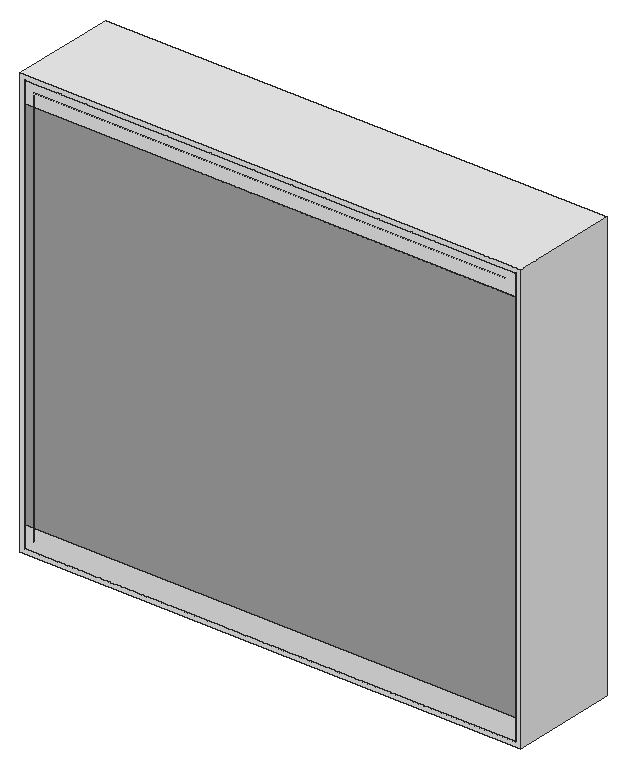
Revit family
Parameters (values of type "Louver_Acoustical_EAA-1245_All-Lite")
  URL = "http://www.alllite-louvers.com"
  Specifications = "http://www.alllite-louvers.com/catalog/AEAA-1245-csi-specification.doc"
  Spacing = 0.99 ft
  SmartBIM Object Version = 3  # constant formula
  SmartBIM Object Created By = "Reed Construction Data"  # constant formula
  Shim Thickness = 0.042 ft
  Screen Width = Width - (2 * Shim Thickness)  # 4.583 ft
  Screen Height = Height - ((2 * 0.197917 ft) + (2 * Shim Thickness))  # 3.520167 ft
  Screen = Aluminum
  Rough Width = 0.0 ft
  Rough Height = 0.0 ft
  Product URL = "http://www.alllite-louvers.com/catalog.php?model=EAA-1245"
  Pressure Loss (in.wg.) = "0.09"  # constant formula
  OmniClass Title = "Exterior Louvers and Grilles"  # constant formula
  OmniClass Code = "23-60 11 17"  # constant formula
  Model Number = "EAA-1245"  # constant formula
  Minimum Size = "12\" x 36\""
  Maximum Size - Single Section = "60\" x 120\""
  Maximum Size - Multiple Section = "Unlimited"
  Manufacturer = "All-Lite"  # constant formula
  Louver Width = Width - (2 * Shim Thickness) - 0.166667 ft  # 4.416333 ft
  Louver = Mill finish, 6063-T5 Extruded Aluminum
  Height = 4.0 ft
  Free Area for 48”x48” Louver = "26.3%"
  Free Area Velocity (fpm) = "999"  # constant formula
  Free Area (ft²) for 48"x48" Louver = 4.2 ft
  Frame = Mill finish, 6063-T5 Extruded Aluminum
  Default Sill Height = 3.0 ft
  Wall Closure = (empty or 0)
  Width = 4.667 ft
  Cut Sheet = "http://www.alllite-louvers.com/catalog/AEAA1245.pdf"
  Assembly Code = "B2010300"
  Air Volume Delivered (cfm) = "4,196"  # constant formula
  95 CSI = "10200 "  # constant formula
  04 CSI = "08 91 00"  # constant formula
  # of Louvers = (Height - 0.25 ft) / (Spacing) - 2  # 2
Reference planes (ft)
  plane 1 "Center (Front/Back)": y = 0
  plane 2: z = 0.291667
  plane 3 "Center (Left/Right)": x = 0
  plane 4 "Left": x = -2.3335
  plane 5 "Right": x = 2.3335
  plane 6 "Sill": z = 3.291667
  plane 7 "Top": z = 7.291667
  plane 8: x = -2.2915
  plane 9: x = 2.2915
  plane 10: z = 7.249667
  plane 11: z = 3.333667
  plane 12: z = 5.291667
  plane 13: z = 3.417
  plane 14: z = 7.166333
  plane 15: z = 4.458667
  plane 16: z = 6.541333
Forms (ft)
  Sweep 1, solid, material "Mill finish, 6063-T5 Extruded Aluminum" <- "Frame"
    path origin (-5, 0.75, 0) x (-1, 0, 0) y (0, 0, 1)
      loop
        line (-7.2915, 7.249667) -> (-2.7085, 7.249667)
    profile "Horizontal Mullion : Horizontal Mullion" origin (0, 0.75, 7.249667) x (0, 0, 1) y (0, 1, 0)
      loop
        line (0, 0) -> (-0.083333, 0) -> (-0.083333, -0.999878) -> (-0.197917, -0.999878) -> (-0.197917, -1.006628) -> (0, -1.006628) -> (0, -0.964961) -> (-0.00675, -0.964961) -> (-0.00675, -0.999878) -> (-0.076583, -0.999878) -> (-0.076583, -0.509881) -> (-0.00675, -0.509881) -> (-0.00675, -0.544798) -> (0, -0.544798) -> (0, -0.461708) -> (-0.00675, -0.461708) -> (-0.00675, -0.496625) -> (-0.076583, -0.496625) -> (-0.076583, -0.006628) -> (-0.00675, -0.006628) -> (-0.00675, -0.041545) -> (0, -0.041545) -> (0, 0)
  Sweep 2, solid, material "Mill finish, 6063-T5 Extruded Aluminum" <- "Frame"
    path origin (-5, 0.75, 0) x (-1, 0, 0) y (0, 0, 1)
      loop
        line (-7.2915, 3.333667) -> (-2.7085, 3.333667)
    profile "Horizontal Mullion : Horizontal Mullion" origin (0, 0.75, 3.333667) x (0, 0, 1) y (0, 1, 0)
      loop
        line (0, 0) -> (0, -0.041545) -> (0.00675, -0.041545) -> (0.00675, -0.006628) -> (0.076583, -0.006628) -> (0.076583, -0.496625) -> (0.00675, -0.496625) -> (0.00675, -0.461708) -> (0, -0.461708) -> (0, -0.544798) -> (0.00675, -0.544798) -> (0.00675, -0.509881) -> (0.076583, -0.509881) -> (0.076583, -0.999878) -> (0.00675, -0.999878) -> (0.00675, -0.964961) -> (0, -0.964961) -> (0, -1.006628) -> (0.197917, -1.006628) -> (0.197917, -0.999878) -> (0.083333, -0.999878) -> (0.083333, 0) -> (0, 0)
  Sweep 3, solid, material "Mill finish, 6063-T5 Extruded Aluminum" <- "Frame"
    path origin (-5, 0.75, 0) x (-1, 0, 0) y (0, 0, 1)
      loop
        line (-7.2915, 3.417) -> (-7.2915, 7.166333)
    profile "Vertical Mullion : Vertical Mullion" origin (2.2915, 0.75, 5.291667) x (1, 0, 0) y (0, 1, 0)
      loop
        line (0, -0.96875) -> (-0.010417, -0.96875) -> (-0.010417, -0.989583) -> (-0.072917, -0.989583) -> (-0.072917, -0.510417) -> (-0.010417, -0.510417) -> (-0.010417, -0.53125) -> (0, -0.53125) -> (0, -0.46875) -> (-0.010417, -0.46875) -> (-0.010417, -0.489583) -> (-0.072917, -0.489583) -> (-0.072917, -0.010417) -> (-0.010417, -0.010417) -> (-0.010417, -0.03125) -> (0, -0.03125) -> (0, 0) -> (-0.083333, 0) -> (-0.083333, -1) -> (0, -1) -> (0, -0.96875)
  Sweep 4, solid, material "Mill finish, 6063-T5 Extruded Aluminum" <- "Frame"
    path origin (5, 0.75, 0) x (1, 0, 0) y (0, 0, -1)
      loop
        line (-7.2915, -3.417) -> (-7.2915, -7.166333)
    profile "Vertical Mullion : Vertical Mullion" origin (-2.2915, 0.75, 5.291667) x (1, 0, 0) y (0, 1, 0)
      loop
        line (0, -0.96875) -> (0, -1) -> (0.083333, -1) -> (0.083333, 0) -> (0, 0) -> (0, -0.03125) -> (0.010417, -0.03125) -> (0.010417, -0.010417) -> (0.072917, -0.010417) -> (0.072917, -0.489583) -> (0.010417, -0.489583) -> (0.010417, -0.46875) -> (0, -0.46875) -> (0, -0.53125) -> (0.010417, -0.53125) -> (0.010417, -0.510417) -> (0.072917, -0.510417) -> (0.072917, -0.989583) -> (0.010417, -0.989583) -> (0.010417, -0.96875) -> (0, -0.96875)
  Sweep 5, solid, material "Mill finish, 6063-T5 Extruded Aluminum" <- "Frame"
    path origin (-5, 0.75, 0) x (-1, 0, 0) y (0, 0, 1)
      loop
        line (-2.6665, 7.291667) -> (-7.3335, 7.291667) -> (-7.3335, 3.291667) -> (-2.6665, 3.291667) -> (-2.6665, 7.291667)
    profile origin (-2.3335, 0.75, 5.291667) x (0, 1, 0) y (-1, 0, 0)
      loop
        line (0, 0) -> (-1.006628, 0) -> (-1.006628, -0.042) -> (0, -0.042) -> (0, 0)
  Extrusion 6, solid, material "Aluminum" <- "Screen"
    sketch origin (0, 0, 0) x (1, 0, 0) y (0, 1, 0)
      loop
        line (-2.2915, -0.25) -> (-2.2915, -0.256628) -> (2.2915, -0.256628) -> (2.2915, -0.25) -> (-2.2915, -0.25)
    from 3.531583 to 7.05175
  Sweep 7, solid, material "Mill finish, 6063-T5 Extruded Aluminum" <- "Frame"
    path origin (-5, 0.75, 0) x (-1, 0, 0) y (0, 0, 1)
      loop
        line (-7.208167, 7.166333) -> (-2.791833, 7.166333)
    profile origin (0, 0.75, 7.166333) x (0, 0, 1) y (0, 1, 0)
      loop
        line (0, -0.999878) -> (0, 0) -> (-0.999878, 0) -> (0, -0.999878)
      loop
        line (-3.749333, 0) -> (-3.749333, -1) -> (-2.707667, -1)
        arc (-2.707667, -1) -> (-3.035937, -0.299414) -> (-3.749333, 0) r 1.07637
Lines and regions (ft)
  Opening 1
    outline origin (-5, -0.75, 0) x (1, 0, 0) y (0, 0, 1)
      loop
        line (2.6665, 7.291667) -> (2.6665, 3.291667) -> (7.3335, 3.291667) -> (7.3335, 7.291667) -> (2.6665, 7.291667)
  Masking region 1, detail levels coarse+medium
    outline origin (0, 0, 0) x (1, 0, 0) y (0, 1, 0)
      loop
        line (2.3335, -0.256628) -> (2.3335, 0.75) -> (2.208167, 0.75) -> (2.208167, -0.256628) -> (2.3335, -0.256628)
      loop
        line (-2.3335, -0.256628) -> (-2.208167, -0.256628) -> (-2.208167, 0.75) -> (-2.3335, 0.75) -> (-2.3335, -0.256628)
  Masking region 2, detail levels fine
    outline origin (0, 0, 0) x (1, 0, 0) y (0, 1, 0)
      loop
        line (-2.281083, 0.71875) -> (-2.281083, 0.739583) -> (-2.218583, 0.739583) -> (-2.218583, 0.260417) -> (-2.281083, 0.260417) -> (-2.281083, 0.28125) -> (-2.2915, 0.28125) -> (-2.2915, 0.21875) -> (-2.281083, 0.21875) -> (-2.281083, 0.239583) -> (-2.218583, 0.239583) -> (-2.218583, -0.239583) -> (-2.281083, -0.239583) -> (-2.281083, -0.21875) -> (-2.2915, -0.21875) -> (-2.2915, -0.25) -> (-2.208167, -0.25) -> (-2.208167, 0.75) -> (-2.2915, 0.75) -> (-2.2915, 0.71875) -> (-2.281083, 0.71875)
      loop
        line (2.208167, 0.75) -> (2.208167, -0.25) -> (2.2915, -0.25) -> (2.2915, -0.21875) -> (2.281083, -0.21875) -> (2.281083, -0.239583) -> (2.218583, -0.239583) -> (2.218583, 0.239583) -> (2.281083, 0.239583) -> (2.281083, 0.21875) -> (2.2915, 0.21875) -> (2.2915, 0.28125) -> (2.281083, 0.28125) -> (2.281083, 0.260417) -> (2.218583, 0.260417) -> (2.218583, 0.739583) -> (2.281083, 0.739583) -> (2.281083, 0.71875) -> (2.2915, 0.71875) -> (2.2915, 0.75) -> (2.208167, 0.75)
Text (ft)
  text "EXTERIOR" at (-4.890733, 4.242245, 0), in view "Ref. Level"
  text "INTERIOR" at (-4.890733, -3.147199, 0), in view "Ref. Level"
  text "Exterior" at (0, 3.638026, 10.266337), in view "Left"
  text "Exterior" at (0, 1.524487, 10.420622), in view "Right"
Dimensions and locks (ft)
  equal spacing: plane 4 "Left", plane 3 "Center (Left/Right)", plane 5 "Right"
  "Width": plane 4 "Left" to plane 5 "Right"
  "Height": plane 6 "Sill" to plane 7 "Top"
  "Default Sill Height": plane 2 to plane 6 "Sill"
  "Shim Thickness": plane 4 "Left" to plane 8
  "Shim Thickness": plane 9 to plane 5 "Right"
  "Shim Thickness": plane 10 to plane 7 "Top"
  "Shim Thickness": plane 6 "Sill" to plane 11
  equal spacing: plane 11, plane 12, plane 10
  locked: plane 13 to plane 11 at 0.083333
  group 1 to group 2 = 0.0 ft  (x2)
  group 1 to group 2 = 1.082667 ft
  locked: plane 10 to plane 14 at 0.083333
  locked: plane 15 to plane 13 at 1.041667
  locked: plane 14 to plane 16 at 0.625
  aligned and locked: plane 7 "Top" to Opening 1 sketch curve
  aligned and locked: plane 6 "Sill" to Opening 1 sketch curve  (x2)
  aligned and locked: plane 5 "Right" to Opening 1 sketch curve
  aligned and locked: plane 4 "Left" to Opening 1 sketch curve
  aligned and locked: plane 10 to Sweep 1 sketch curve
  aligned and locked: plane 8 to Sweep 1 sketch curve
  aligned and locked: plane 9 to Sweep 1 sketch curve
  aligned and locked: Sweep 2 sketch curve to plane 11
  aligned and locked: plane 9 to Sweep 2 sketch curve
  aligned and locked: plane 8 to Sweep 2 sketch curve
  aligned and locked: plane 9 to Sweep 3 sketch curve
  aligned and locked: Sweep 4 sketch curve to plane 8
  aligned and locked: Sweep 1 to Sweep 4 sketch curve
  aligned and locked: Sweep 5 sketch curve to plane 4 "Left"
  aligned and locked: Sweep 5 sketch curve to plane 7 "Top"
  aligned and locked: Sweep 5 sketch curve to plane 6 "Sill"
  aligned and locked: Sweep 5 sketch curve to plane 5 "Right"
  aligned and locked: Sweep 5 sketch curve to host wall  (x2)
  aligned and locked: plane 8 to Sweep 5 sketch curve
  aligned and locked: plane 3 "Center (Left/Right)" to nested 1
  aligned and locked: host wall to nested 2
  aligned and locked: Sweep 3 sketch curve to Sweep 1
  aligned and locked: plane 13 to Sweep 3 sketch curve
  aligned and locked: Extrusion 6 sketch curve to plane 8
  aligned and locked: Extrusion 6 sketch curve to Sweep 4
  aligned and locked: Extrusion 6 sketch curve to Sweep 2
  aligned and locked: plane 9 to Extrusion 6 sketch curve
  aligned and locked: Extrusion 6 to Sweep 2
  aligned and locked: Extrusion 6 to Sweep 1
  aligned and locked: Sweep 5 to nested 1
  aligned and locked: Sweep 7 sketch curve to plane 14  (x2)
  aligned and locked: Sweep 1 to Sweep 7 sketch curve
  aligned and locked: Sweep 5 to Sweep 7 sketch curve
  aligned and locked: Sweep 4 to Sweep 7 sketch curve
  aligned and locked: plane 15 to nested 1
  aligned and locked: Sweep 2 to Sweep 5 sketch curve
  aligned and locked: plane 16 to nested 2
  aligned and locked: Sweep 3 to Sweep 7 sketch curve
  aligned and locked: Sweep 7 sketch curve to Sweep 4
  aligned and locked: Sweep 7 sketch curve to plane 13
  aligned and locked: Sweep 7 to Masking region 1 sketch curve
  aligned and locked: Masking region 1 sketch curve to Sweep 3
  aligned and locked: plane 5 "Right" to Masking region 1 sketch curve
  aligned and locked: Masking region 1 sketch curve to Sweep 5  (x2)
  aligned and locked: host wall to Masking region 1 sketch curve
  aligned and locked: Masking region 1 sketch curve to Sweep 4
  aligned and locked: Sweep 5 to Masking region 1 sketch curve
  aligned and locked: Masking region 2 sketch curve to Sweep 4  (x19)
  aligned and locked: Masking region 2 sketch curve to Sweep 7  (x2)
  aligned and locked: Masking region 2 sketch curve to Sweep 3  (x18)
  aligned and locked: Sweep 5 to Masking region 2 sketch curve
Automatic sketch dimensions
  Sweep 4 sketch curve to plane 13 = 0.0 ft
  Sweep 7 sketch curve to profile plane = 0.0 ft
  Sweep 7 sketch curve to Sweep 7 sketch curve = 0.032024 ft
  profile plane to Sweep 7 sketch curve = 0.999878 ft
  Sweep 7 sketch curve to Sweep 7 sketch curve = 0.075893 ft
  Sweep 7 sketch curve to profile plane = 0.999878 ft
Nested families (ft)
  nested 1: "Louver" at (0, 0.502604, 4.458667), type "Louver"
    with Louver Length 4.416333 ft
  nested 2: "Louver" at (0, 0.502604, 5.541333), type "Louver"
    with Louver Length 4.416333 ft
Connectors (ft)
  hvac at (0, -0.256628, 5.291667), driven by "Screen Width", driven by "Screen Height"
    settings: on Extrusion 6, index 1
Definition of nested family "Louver"
  Parameters (values of type "Louver")
    Louver Length = 2.25 ft
    Louver = none
    Assembly Code = ""
  Reference planes (ft)
    plane 1 "Center (Front/Back)": y = -0.252604
    plane 2: z = 0
    plane 3 "Center (Left/Right)": x = 0
    plane 4: x = -1.125
    plane 5: x = 1.125
    plane 6: y = 0.247396
    plane 7: z = 0.5
    plane 8: y = -0.752604
    plane 9: z = 1
  Forms (ft)
    Extrusion 1, solid, material <- "Louver"
      sketch origin (0, 0, 0) x (0, 1, 0) y (0, 0, 1)
        loop
          arc (0.247396, 0) -> (0.121534, 0.393185) -> (-0.13405, 0.717395) r 1.160059
          arc (-0.13405, 0.717395) -> (-0.422277, 0.90477) -> (-0.752604, 1) r 1.166603
          arc (-0.752604, 1) -> (-0.657374, 0.669673) -> (-0.469999, 0.381446) r 1.166603
          arc (-0.469999, 0.381446) -> (-0.145789, 0.125862) -> (0.247396, 0) r 1.160059
      from -1.125 to 1.125
  Dimensions and locks (ft)
    equal spacing: plane 4, plane 3 "Center (Left/Right)", plane 5
    "Louver Length": plane 4 to plane 5
    plane 1 "Center (Front/Back)" to plane 6 = 0.5 ft
    locked: plane 9 to level at 1
    equal spacing: plane 9, plane 7, level
    plane 6 to plane 8 = 1.0 ft
    aligned and locked: plane 5 to Extrusion 1
    aligned and locked: Extrusion 1 to plane 4
  Automatic sketch dimensions
    Extrusion 1 sketch curve to plane 8 = 0.0 ft
    Extrusion 1 sketch curve to level = 0.0 ft
    Extrusion 1 sketch curve to plane 6 = 0.0 ft
    Extrusion 1 sketch curve to plane 9 = 0.0 ft
    Extrusion 1 sketch curve to plane 8 = 0.150133 ft
    Extrusion 1 sketch curve to Extrusion 1 sketch curve = 0.004336 ft
    Extrusion 1 sketch curve to plane 7 = 0.118554 ft
    plane 1 "Center (Front/Back)" to Extrusion 1 sketch curve = 0.217395 ft
    Extrusion 1 sketch curve to Extrusion 1 sketch curve = 0.0 ft  (x2)
    Extrusion 1 sketch curve to plane 1 "Center (Front/Back)" = 0.118554 ft
    plane 6 to Extrusion 1 sketch curve = 0.15143 ft
